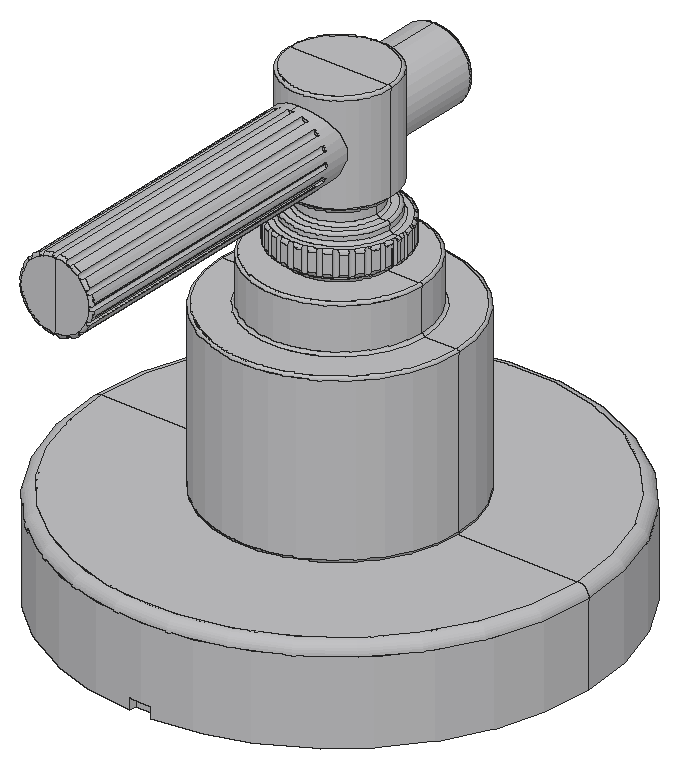
Revit family "Shower-Valve_Trim-KALLISTA-Central_Park_West-P21385_1", category Specialty Equipment, host Face, Revit 2021 (continued)
Definition of nested family "P21385"
  Lines and regions (in)
    symbolic lines, detail levels medium+fine
      curve 112: spline (0, -2.6771, 2.94239) -> (0, -2.67741, 2.94095) -> (0, -2.67733, 2.9395) -> (0, -2.67685, 2.93806) -> (0, -2.67598, 2.93666) -> (0, -2.67474, 2.93534) -> (0, -2.67316, 2.93411) -> (0, -2.67127, 2.933) -> (0, -2.6691, 2.93204) -> (0, -2.6667, 2.93125) -> (0, -2.66412, 2.93063) -> (0, -2.66142, 2.93021) -> (0, -2.65863, 2.92999)
      curve 113: spline (0, -2.67669, 2.93776) -> (0, -2.6773, 2.93475) -> (0, -2.6774, 2.93169) -> (0, -2.677, 2.92865) -> (0, -2.6761, 2.9257) -> (0, -2.67473, 2.92293) -> (0, -2.67293, 2.92041) -> (0, -2.67073, 2.9182) -> (0, -2.66819, 2.91635) -> (0, -2.66539, 2.91493) -> (0, -2.66239, 2.91395) -> (0, -2.65928, 2.91346) -> (0, -2.65612, 2.91345)
      curve 114: arc (0, -2.65748, 2.99648) -> (0, -2.67214, 3.00299) -> (0, -2.67717, 3.01822) r 0.01978
      curve 115: arc (0, -2.67717, 3.34162) -> (0, -2.66922, 3.35094) -> (0, -2.65748, 3.35443) r 0.02153
      curve 116: arc (0, -2.67711, 3.40834) -> (0, -2.66918, 3.41762) -> (0, -2.65748, 3.42108) r 0.02149
      curve 117: arc (0, -0.55521, 3.42108) -> (0, -0.54692, 3.42937) -> (0, -0.55521, 3.43766) r 0.00829
      curve 118: arc (0, -0.55521, 3.35443) -> (0, -0.5399, 3.36974) -> (0, -0.55521, 3.38505) r 0.01531
      curve 119: arc (0, -0.54923, 3.26254) -> (0, -0.53118, 3.28059) -> (0, -0.54923, 3.29864) r 0.01805
      curve 120: arc (0, -0.55521, 3.15583) -> (0, -0.53568, 3.17536) -> (0, -0.55521, 3.19489) r 0.01953
      curve 121: arc (0, -0.55521, 3.05215) -> (0, -0.53718, 3.07019) -> (0, -0.55521, 3.08823) r 0.01804
      curve 122: arc (0, -0.54923, 2.96591) -> (0, -0.53394, 2.9812) -> (0, -0.54923, 2.99648) r 0.01529
      curve 123: arc (0, -0.54923, 2.91345) -> (0, -0.54096, 2.92172) -> (0, -0.54923, 2.92999) r 0.00827
      curve 124: arc (0, -0.38588, 3.45095) -> (0, -0.25407, 3.17536) -> (0, -0.38588, 2.89977) r 0.35401
      curve 125: arc (0, 0.38588, 3.45095) -> (0, 0.25407, 3.17536) -> (0, 0.38588, 2.89977) r 0.35401
      curve 126: line (0, 0.33524, 2.80443) -> (0, -0.33524, 2.80443)
      curve 127: line (0, 0.27836, 2.74523) -> (0, -0.27666, 2.74523)
      curve 128: line (0, 0.29634, 2.63306) -> (0, -0.29634, 2.63306)
      curve 129: line (0, 0.3944, 2.55744) -> (0, -0.3944, 2.55744)
      curve 130: line (0, 0.39432, 2.37717) -> (0, -0.39432, 2.37717)
      curve 131: line (0, 0.35419, 2.2992) -> (0, -0.35416, 2.2992)
      curve 132: line (0, 0.87822, 0.70079) -> (0, -0.87822, 0.70079)
      curve 133: line (0, 0.63879, 1.94954) -> (0, -0.63879, 1.94954)
      curve 134: line (0, 0.45548, 2.3989) -> (0, 0.45548, 2.53743)
      curve 135: line (0, 0.4473, 2.53775) -> (0, 0.4473, 2.39479)
      curve 136: line (0, 0.42959, 2.39884) -> (0, 0.42959, 2.5371)
      curve 137: line (0, 0.41358, 2.5396) -> (0, 0.41358, 2.39497)
      curve 138: line (0, 0.38492, 2.39879) -> (0, 0.38492, 2.53571)
      curve 139: line (0, 0.36178, 2.53775) -> (0, 0.36178, 2.39686)
      curve 140: line (0, 0.32343, 2.39875) -> (0, 0.32343, 2.53775)
      curve 141: line (0, 0.29418, 2.53775) -> (0, 0.29418, 2.39661)
      curve 142: line (0, 0.24938, 2.39686) -> (0, 0.24938, 2.53775)
      curve 143: line (0, 0.2123, 2.53775) -> (0, 0.2123, 2.39686)
      curve 144: line (0, 0.1631, 2.39686) -> (0, 0.1631, 2.53775)
      curve 145: line (0, 0.12238, 2.53775) -> (0, 0.12238, 2.39686)
      curve 146: line (0, 0.0697, 2.39686) -> (0, 0.0697, 2.53775)
      curve 147: line (0, 0.0271, 2.53775) -> (0, 0.0271, 2.39686)
      curve 148: line (0, 0.0697, 2.53775) -> (0, 0.0271, 2.53775)
      curve 149: line (0, 0.1631, 2.53775) -> (0, 0.12238, 2.53775)
      curve 150: line (0, 0.24938, 2.53775) -> (0, 0.2123, 2.53775)
      curve 151: spline (0, 0.32311, 2.53782) -> (0, 0.32275, 2.54037) -> (0, 0.32191, 2.54296) -> (0, 0.32061, 2.54551) -> (0, 0.31889, 2.54797) -> (0, 0.31679, 2.55026) -> (0, 0.31438, 2.55232) -> (0, 0.3117, 2.5541) -> (0, 0.30885, 2.55555) -> (0, 0.30589, 2.55664) -> (0, 0.3029, 2.55732) -> (0, 0.29996, 2.55759) -> (0, 0.29715, 2.55744)
      curve 152: spline (0, 0.38492, 2.53571) -> (0, 0.3845, 2.53836) -> (0, 0.38358, 2.5411) -> (0, 0.38218, 2.54387) -> (0, 0.38034, 2.54658) -> (0, 0.37813, 2.54913) -> (0, 0.3756, 2.55147) -> (0, 0.37284, 2.5535) -> (0, 0.36993, 2.55517) -> (0, 0.36697, 2.55644) -> (0, 0.36403, 2.55725) -> (0, 0.36122, 2.55759) -> (0, 0.35861, 2.55744)
      curve 153: spline (0, 0.43617, 2.37685) -> (0, 0.43877, 2.37677) -> (0, 0.44137, 2.37713) -> (0, 0.44388, 2.37793) -> (0, 0.44627, 2.37913) -> (0, 0.44848, 2.38073) -> (0, 0.45045, 2.38267) -> (0, 0.45215, 2.38493) -> (0, 0.45354, 2.38744) -> (0, 0.45459, 2.39015) -> (0, 0.45527, 2.39301) -> (0, 0.45557, 2.39595) -> (0, 0.45548, 2.3989)
      curve 154: spline (0, 0.43617, 2.37685) -> (0, 0.43756, 2.37721) -> (0, 0.43892, 2.37782) -> (0, 0.44022, 2.37868) -> (0, 0.44146, 2.37978) -> (0, 0.44262, 2.3811) -> (0, 0.44368, 2.38263) -> (0, 0.44463, 2.38434) -> (0, 0.44545, 2.38621) -> (0, 0.44613, 2.38822) -> (0, 0.44668, 2.39034) -> (0, 0.44706, 2.39254) -> (0, 0.4473, 2.39479)
      curve 155: spline (0, 0.40653, 2.37719) -> (0, 0.40951, 2.37678) -> (0, 0.41252, 2.37686) -> (0, 0.41549, 2.37743) -> (0, 0.41833, 2.37848) -> (0, 0.42098, 2.37998) -> (0, 0.42337, 2.38189) -> (0, 0.42544, 2.38417) -> (0, 0.42715, 2.38676) -> (0, 0.42844, 2.38959) -> (0, 0.42929, 2.3926) -> (0, 0.42968, 2.39571) -> (0, 0.42959, 2.39884)
      curve 156: spline (0, 0.40245, 2.37743) -> (0, 0.40369, 2.37688) -> (0, 0.40495, 2.37676) -> (0, 0.40622, 2.37705) -> (0, 0.40746, 2.37776) -> (0, 0.40864, 2.37888) -> (0, 0.40974, 2.38036) -> (0, 0.41075, 2.3822) -> (0, 0.41162, 2.38434) -> (0, 0.41236, 2.38674) -> (0, 0.41294, 2.38935) -> (0, 0.41335, 2.39211) -> (0, 0.41358, 2.39497)
      curve 157: spline (0, 0.36114, 2.37717) -> (0, 0.36422, 2.37677) -> (0, 0.36734, 2.37686) -> (0, 0.3704, 2.37744) -> (0, 0.37333, 2.3785) -> (0, 0.37606, 2.38) -> (0, 0.37853, 2.3819) -> (0, 0.38066, 2.38418) -> (0, 0.38242, 2.38676) -> (0, 0.38375, 2.38958) -> (0, 0.38462, 2.39258) -> (0, 0.38502, 2.39567) -> (0, 0.38492, 2.39879)
      curve 158: spline (0, 0.29987, 2.37717) -> (0, 0.30293, 2.37677) -> (0, 0.30602, 2.37686) -> (0, 0.30905, 2.37744) -> (0, 0.31196, 2.37849) -> (0, 0.31466, 2.37998) -> (0, 0.3171, 2.38189) -> (0, 0.31922, 2.38416) -> (0, 0.32096, 2.38673) -> (0, 0.32227, 2.38955) -> (0, 0.32314, 2.39254) -> (0, 0.32353, 2.39563) -> (0, 0.32343, 2.39875)
      curve 159: line (0, 0.2123, 2.39686) -> (0, 0.24938, 2.39686)
      curve 160: line (0, 0.12238, 2.39686) -> (0, 0.1631, 2.39686)
      curve 161: line (0, 0.0271, 2.39686) -> (0, 0.0697, 2.39686)
      curve 162: arc (0, 0.28026, 2.55744) -> (0, 0.29035, 2.54981) -> (0, 0.29418, 2.53775) r 0.02088
      curve 163: arc (0, 0.29418, 2.39661) -> (0, 0.28925, 2.38363) -> (0, 0.27696, 2.37717) r 0.01958
      curve 164: arc (0, 0.36178, 2.39686) -> (0, 0.35772, 2.38459) -> (0, 0.34714, 2.37717) r 0.02055
      curve 165: arc (0, 0.34756, 2.55744) -> (0, 0.35786, 2.5499) -> (0, 0.36178, 2.53775) r 0.02074
      curve 166: arc (0, 0.42959, 2.5371) -> (0, 0.42632, 2.54895) -> (0, 0.41745, 2.55744) r 0.0231
      curve 167: arc (0, 0.40245, 2.55718) -> (0, 0.41056, 2.55) -> (0, 0.41358, 2.5396) r 0.01944
      curve 168: arc (0, 0.43178, 2.55718) -> (0, 0.44294, 2.55018) -> (0, 0.4473, 2.53775) r 0.01992
      curve 169: arc (0, 0.45548, 2.53743) -> (0, 0.45186, 2.54932) -> (0, 0.44224, 2.55718) r 0.02135
      curve 170: line (0, -0.45548, 2.3989) -> (0, -0.45548, 2.53743)
      curve 171: line (0, -0.4473, 2.53775) -> (0, -0.4473, 2.39479)
      curve 172: line (0, -0.42959, 2.39884) -> (0, -0.42959, 2.5371)
      curve 173: line (0, -0.41358, 2.5396) -> (0, -0.41358, 2.39497)
      curve 174: line (0, -0.38492, 2.39879) -> (0, -0.38492, 2.53571)
      curve 175: line (0, -0.36178, 2.53775) -> (0, -0.36178, 2.39686)
      curve 176: line (0, -0.32343, 2.39875) -> (0, -0.32343, 2.53775)
      curve 177: line (0, -0.29418, 2.53775) -> (0, -0.29418, 2.39661)
      curve 178: line (0, -0.24938, 2.39686) -> (0, -0.24938, 2.53775)
      curve 179: line (0, -0.2123, 2.53775) -> (0, -0.2123, 2.39686)
      curve 180: line (0, -0.1631, 2.39686) -> (0, -0.1631, 2.53775)
      curve 181: line (0, -0.12238, 2.53775) -> (0, -0.12238, 2.39686)
      curve 182: line (0, -0.0697, 2.39686) -> (0, -0.0697, 2.53775)
      curve 183: line (0, -0.0271, 2.53775) -> (0, -0.0271, 2.39686)
      curve 184: line (0, -0.0697, 2.53775) -> (0, -0.0271, 2.53775)
      curve 185: line (0, -0.1631, 2.53775) -> (0, -0.12238, 2.53775)
      curve 186: line (0, -0.24938, 2.53775) -> (0, -0.2123, 2.53775)
      curve 187: spline (0, -0.32311, 2.53782) -> (0, -0.32275, 2.54037) -> (0, -0.32191, 2.54296) -> (0, -0.32061, 2.54551) -> (0, -0.31889, 2.54797) -> (0, -0.31679, 2.55026) -> (0, -0.31438, 2.55232) -> (0, -0.3117, 2.5541) -> (0, -0.30885, 2.55555) -> (0, -0.30589, 2.55664) -> (0, -0.3029, 2.55732) -> (0, -0.29996, 2.55759) -> (0, -0.29715, 2.55744)
      curve 188: spline (0, -0.38492, 2.53571) -> (0, -0.3845, 2.53836) -> (0, -0.38358, 2.5411) -> (0, -0.38218, 2.54387) -> (0, -0.38034, 2.54658) -> (0, -0.37813, 2.54913) -> (0, -0.3756, 2.55147) -> (0, -0.37284, 2.5535) -> (0, -0.36993, 2.55517) -> (0, -0.36697, 2.55644) -> (0, -0.36403, 2.55725) -> (0, -0.36122, 2.55759) -> (0, -0.35861, 2.55744)
      curve 189: spline (0, -0.43288, 2.37759) -> (0, -0.4357, 2.37691) -> (0, -0.43859, 2.37676) -> (0, -0.44146, 2.37716) -> (0, -0.44423, 2.37807) -> (0, -0.44684, 2.3795) -> (0, -0.44921, 2.38138) -> (0, -0.45128, 2.38368) -> (0, -0.45299, 2.38633) -> (0, -0.45429, 2.38926) -> (0, -0.45515, 2.39239) -> (0, -0.45555, 2.39563) -> (0, -0.45548, 2.3989)
      curve 190: spline (0, -0.40653, 2.37719) -> (0, -0.40951, 2.37678) -> (0, -0.41252, 2.37686) -> (0, -0.41549, 2.37743) -> (0, -0.41833, 2.37848) -> (0, -0.42098, 2.37998) -> (0, -0.42337, 2.38189) -> (0, -0.42544, 2.38417) -> (0, -0.42715, 2.38676) -> (0, -0.42844, 2.38959) -> (0, -0.42929, 2.3926) -> (0, -0.42968, 2.39571) -> (0, -0.42959, 2.39884)
      curve 191: spline (0, -0.40245, 2.37743) -> (0, -0.40369, 2.37688) -> (0, -0.40495, 2.37676) -> (0, -0.40622, 2.37705) -> (0, -0.40746, 2.37776) -> (0, -0.40864, 2.37888) -> (0, -0.40974, 2.38036) -> (0, -0.41075, 2.3822) -> (0, -0.41162, 2.38434) -> (0, -0.41236, 2.38674) -> (0, -0.41294, 2.38935) -> (0, -0.41335, 2.39211) -> (0, -0.41358, 2.39497)
      curve 192: spline (0, -0.36114, 2.37717) -> (0, -0.36422, 2.37677) -> (0, -0.36734, 2.37686) -> (0, -0.3704, 2.37744) -> (0, -0.37333, 2.3785) -> (0, -0.37606, 2.38) -> (0, -0.37853, 2.3819) -> (0, -0.38066, 2.38418) -> (0, -0.38242, 2.38676) -> (0, -0.38375, 2.38958) -> (0, -0.38462, 2.39258) -> (0, -0.38502, 2.39567) -> (0, -0.38492, 2.39879)
      curve 193: spline (0, -0.29987, 2.37717) -> (0, -0.30293, 2.37677) -> (0, -0.30602, 2.37686) -> (0, -0.30905, 2.37744) -> (0, -0.31196, 2.37849) -> (0, -0.31466, 2.37998) -> (0, -0.3171, 2.38189) -> (0, -0.31922, 2.38416) -> (0, -0.32096, 2.38673) -> (0, -0.32227, 2.38955) -> (0, -0.32314, 2.39254) -> (0, -0.32353, 2.39563) -> (0, -0.32343, 2.39875)
      curve 194: line (0, -0.2123, 2.39686) -> (0, -0.24938, 2.39686)
      curve 195: line (0, -0.12238, 2.39686) -> (0, -0.1631, 2.39686)
      curve 196: line (0, -0.0271, 2.39686) -> (0, -0.0697, 2.39686)
      curve 197: arc (0, -0.28026, 2.55744) -> (0, -0.29035, 2.54981) -> (0, -0.29418, 2.53775) r 0.02088
      curve 198: arc (0, -0.29418, 2.39661) -> (0, -0.28925, 2.38363) -> (0, -0.27696, 2.37717) r 0.01958
      curve 199: arc (0, -0.36178, 2.39686) -> (0, -0.35772, 2.38459) -> (0, -0.34714, 2.37717) r 0.02055
      curve 200: arc (0, -0.34756, 2.55744) -> (0, -0.35786, 2.5499) -> (0, -0.36178, 2.53775) r 0.02074
      curve 201: arc (0, -0.3944, 2.55744) -> (0, -0.40787, 2.5527) -> (0, -0.41358, 2.5396) r 0.01788
      curve 202: arc (0, -0.42959, 2.5371) -> (0, -0.42632, 2.54895) -> (0, -0.41745, 2.55744) r 0.0231
      curve 203: arc (0, -0.43338, 2.55718) -> (0, -0.44346, 2.5497) -> (0, -0.4473, 2.53775) r 0.02052
      curve 204: arc (0, -0.4473, 2.39479) -> (0, -0.44285, 2.38315) -> (0, -0.43178, 2.37743) r 0.01748
      curve 205: arc (0, -0.45548, 2.53743) -> (0, -0.45186, 2.54932) -> (0, -0.44224, 2.55718) r 0.02135
      curve 206: line (-0.27491, -1.85573, 0) -> (-0.27491, -0.27322, 0)
      curve 207: line (-0.25523, 0.90551, 0) -> (0.25523, 0.90551, 0)
      curve 208: arc (-0.27491, 0.88583, 0) -> (-0.26915, 0.89975, 0) -> (-0.25523, 0.90551, 0) r 0.01969
      curve 209: arc (0.25523, 0.90551, 0) -> (0.26915, 0.89975, 0) -> (0.27491, 0.88583, 0) r 0.01969
      curve 210: arc (0.32915, 0.32288, 0) -> (0.32831, 0.29565, 0) -> (0.35547, 0.29365, 0) r 0.01969
      curve 211: arc (0.38909, 0.24739, 0) -> (0.3826, 0.22093, 0) -> (0.40876, 0.21333, 0) r 0.01969
      curve 212: arc (0.43202, 0.16109, 0) -> (0.42018, 0.13656, 0) -> (0.44418, 0.12368, 0) r 0.01969
      curve 213: arc (0.45607, 0.06774, 0) -> (0.43939, 0.04621, 0) -> (0.46019, 0.02863, 0) r 0.01969
      curve 214: arc (0.46028, -0.02712, 0) -> (0.43976, -0.04639, 0) -> (0.45581, -0.06951, 0) r 0.02155
      curve 215: arc (0.44458, -0.12223, 0) -> (0.42051, -0.13681, 0) -> (0.43139, -0.16276, 0) r 0.02155
      curve 216: arc (0.40945, -0.21199, 0) -> (0.38288, -0.22124, 0) -> (0.38813, -0.24889, 0) r 0.02155
      curve 217: arc (0.35547, -0.29365, 0) -> (0.32831, -0.29565, 0) -> (0.32915, -0.32288, 0) r 0.01969
      curve 218: arc (0.28665, -0.36114, 0) -> (0.28142, -0.35653, 0) -> (0.27491, -0.35404, 0) r 0.01969
      curve 219: arc (0.27491, 0.35404, 0) -> (0.28142, 0.35653, 0) -> (0.28665, 0.36114, 0) r 0.01969
      curve 220: arc (0.32915, 0.32288, 0) -> (0.30849, 0.34267, 0) -> (0.28665, 0.36114, 0) r 0.46108
      curve 221: arc (0.38909, 0.24739, 0) -> (0.373, 0.27104, 0) -> (0.35547, 0.29365, 0) r 0.46108
      curve 222: arc (0.43202, 0.16109, 0) -> (0.4212, 0.18757, 0) -> (0.40876, 0.21333, 0) r 0.46108
      curve 223: arc (0.45607, 0.06774, 0) -> (0.45099, 0.0959, 0) -> (0.44418, 0.12368, 0) r 0.46108
      curve 224: arc (0.46028, -0.02712, 0) -> (0.46107, 0.00075, 0) -> (0.46019, 0.02863, 0) r 0.46108
      curve 225: arc (0.44458, -0.12223, 0) -> (0.45096, -0.09603, 0) -> (0.45581, -0.06951, 0) r 0.46108
      curve 226: arc (0.40945, -0.21199, 0) -> (0.42114, -0.18769, 0) -> (0.43139, -0.16276, 0) r 0.46108
      curve 227: arc (0.35547, -0.29365, 0) -> (0.37247, -0.27176, 0) -> (0.38813, -0.24889, 0) r 0.46108
      curve 228: arc (0.28665, -0.36114, 0) -> (0.30849, -0.34267, 0) -> (0.32915, -0.32288, 0) r 0.46108
      curve 229: arc (-0.32915, 0.32288, 0) -> (-0.32831, 0.29565, 0) -> (-0.35547, 0.29365, 0) r 0.01969
      curve 230: arc (-0.38909, 0.24739, 0) -> (-0.3826, 0.22093, 0) -> (-0.40876, 0.21333, 0) r 0.01969
      curve 231: arc (-0.43202, 0.16109, 0) -> (-0.42018, 0.13656, 0) -> (-0.44418, 0.12368, 0) r 0.01969
      curve 232: arc (-0.45607, 0.06774, 0) -> (-0.43939, 0.04621, 0) -> (-0.46019, 0.02863, 0) r 0.01969
      curve 233: arc (-0.46028, -0.02712, 0) -> (-0.43976, -0.04639, 0) -> (-0.45581, -0.06951, 0) r 0.02155
      curve 234: arc (-0.44458, -0.12223, 0) -> (-0.42051, -0.13681, 0) -> (-0.43139, -0.16276, 0) r 0.02155
      curve 235: arc (-0.40945, -0.21199, 0) -> (-0.38288, -0.22124, 0) -> (-0.38813, -0.24889, 0) r 0.02155
      curve 236: arc (-0.35547, -0.29365, 0) -> (-0.32831, -0.29565, 0) -> (-0.32915, -0.32288, 0) r 0.01969
      curve 237: arc (-0.28665, -0.36114, 0) -> (-0.28142, -0.35653, 0) -> (-0.27491, -0.35404, 0) r 0.01969
      curve 238: arc (-0.27491, 0.35404, 0) -> (-0.28142, 0.35653, 0) -> (-0.28665, 0.36114, 0) r 0.01969
      curve 239: arc (-0.32915, 0.32288, 0) -> (-0.30849, 0.34267, 0) -> (-0.28665, 0.36114, 0) r 0.46108
      curve 240: arc (-0.38909, 0.24739, 0) -> (-0.373, 0.27104, 0) -> (-0.35547, 0.29365, 0) r 0.46108
      curve 241: arc (-0.43202, 0.16109, 0) -> (-0.4212, 0.18757, 0) -> (-0.40876, 0.21333, 0) r 0.46108
      curve 242: arc (-0.45607, 0.06774, 0) -> (-0.45099, 0.0959, 0) -> (-0.44418, 0.12368, 0) r 0.46108
      curve 243: arc (-0.46028, -0.02712, 0) -> (-0.46107, 0.00075, 0) -> (-0.46019, 0.02863, 0) r 0.46108
      curve 244: arc (-0.44458, -0.12223, 0) -> (-0.45096, -0.09603, 0) -> (-0.45581, -0.06951, 0) r 0.46108
      curve 245: arc (-0.40945, -0.21199, 0) -> (-0.42114, -0.18769, 0) -> (-0.43139, -0.16276, 0) r 0.46108
      curve 246: arc (-0.35547, -0.29365, 0) -> (-0.37247, -0.27176, 0) -> (-0.38813, -0.24889, 0) r 0.46108
      curve 247: arc (-0.28665, -0.36114, 0) -> (-0.30849, -0.34267, 0) -> (-0.32915, -0.32288, 0) r 0.46108
      curve 248: circle (0, 1.3283, 0) r 0.07874 normal (0, 0, 1)
      curve 249: circle (-1.13514, -0.64961, 0) r 0.07874 normal (0, 0, -1)
      curve 250: arc (-0.27491, 0.868, 0) -> (-0.9105, 0, 0) -> (-0.27491, -0.868, 0) r 0.9105
      curve 251: circle (1.13514, -0.64961, 0) r 0.07874 normal (0, 0, 1)
      curve 252: arc (0.09517, 0.90551, 0) -> (0, 0.9105, 0) -> (-0.09517, 0.90551, 0) r 0.9105
      curve 253: line (0.27491, -1.85573, 0) -> (0.27491, -0.27322, 0)
      curve 254: arc (-0.27491, 0.55759, 0) -> (-0.62168, 0, 0) -> (-0.27491, -0.55759, 0) r 0.62168
      curve 255: arc (-0.27491, 0.34586, 0) -> (-0.44181, 0, 0) -> (-0.27491, -0.34586, 0) r 0.44181
      curve 256: circle (0, 0, 0) r 0.38759 normal (0, 0, 1)
      curve 257: line (-0.26151, -2.65748, 0) -> (-0.26151, -0.55643, 0)
      curve 258: line (-0.24659, -0.55643, 0) -> (-0.24659, -2.65748, 0)
      curve 259: line (-0.20968, -2.65748, 0) -> (-0.20968, -0.56408, 0)
      curve 260: line (-0.17909, -0.56408, 0) -> (-0.17909, -2.65748, 0)
      curve 261: line (-0.12521, -2.65748, 0) -> (-0.12521, -0.56985, 0)
      curve 262: line (-0.08522, -0.56985, 0) -> (-0.08522, -2.65748, 0)
      curve 263: line (-0.02007, -2.65748, 0) -> (-0.02007, -0.57624, 0)
      curve 264: line (0.02007, -0.57624, 0) -> (0.02007, -2.65748, 0)
      curve 265: arc (-0.02007, -0.57624, 0) -> (0, -0.55616, 0) -> (0.02007, -0.57624, 0) r 0.02007
      curve 266: arc (-0.12521, -0.56985, 0) -> (-0.10522, -0.54986, 0) -> (-0.08522, -0.56985, 0) r 0.01999
      curve 267: arc (-0.20968, -0.56408, 0) -> (-0.19438, -0.54879, 0) -> (-0.17909, -0.56408, 0) r 0.01529
      curve 268: arc (-0.26151, -0.55643, 0) -> (-0.25405, -0.54897, 0) -> (-0.24659, -0.55643, 0) r 0.00746
      curve 269: line (-0.27491, 0.27322, 0) -> (-0.27491, 0.88583, 0)
      curve 270: line (0.27491, 0.27322, 0) -> (0.27491, 0.88583, 0)
      curve 271: arc (0.27491, -0.34586, 0) -> (0.44181, 0, 0) -> (0.27491, 0.34586, 0) r 0.44181
      curve 272: arc (0.27491, -0.55759, 0) -> (0.62168, 0, 0) -> (0.27491, 0.55759, 0) r 0.62168
      curve 273: arc (-0.24219, -2.67717, 0) -> (-0.25587, -2.67127, 0) -> (-0.26151, -2.65748, 0) r 0.01969
      curve 274: arc (-0.24659, -2.65748, 0) -> (-0.23984, -2.67239, 0) -> (-0.22418, -2.67717, 0) r 0.01985
      curve 275: arc (-0.19082, -2.67717, 0) -> (-0.2042, -2.67111, 0) -> (-0.20968, -2.65748, 0) r 0.0197
      curve 276: arc (-0.17909, -2.65748, 0) -> (-0.17153, -2.67322, 0) -> (-0.15451, -2.67717, 0) r 0.02017
      curve 277: arc (-0.10167, -2.67717, 0) -> (-0.11804, -2.67282, 0) -> (-0.12521, -2.65748, 0) r 0.02
      curve 278: arc (-0.08522, -2.65748, 0) -> (-0.07766, -2.67323, 0) -> (-0.06064, -2.67717, 0) r 0.02017
      curve 279: arc (0, -2.67717, 0) -> (-0.01417, -2.67154, 0) -> (-0.02007, -2.65748, 0) r 0.01969
      curve 280: line (0.26151, -2.65748, 0) -> (0.26151, -0.55643, 0)
      curve 281: line (0.24659, -0.55643, 0) -> (0.24659, -2.65748, 0)
      curve 282: line (0.20968, -2.65748, 0) -> (0.20968, -0.56408, 0)
      curve 283: line (0.17909, -0.56408, 0) -> (0.17909, -2.65748, 0)
      curve 284: line (0.12521, -2.65748, 0) -> (0.12521, -0.56985, 0)
      curve 285: line (0.08522, -0.56985, 0) -> (0.08522, -2.65748, 0)
      curve 286: arc (0.12521, -0.56985, 0) -> (0.10522, -0.54986, 0) -> (0.08522, -0.56985, 0) r 0.01999
      curve 287: arc (0.20968, -0.56408, 0) -> (0.19438, -0.54879, 0) -> (0.17909, -0.56408, 0) r 0.01529
      curve 288: arc (0.24659, -2.65748, 0) -> (0.23984, -2.67239, 0) -> (0.22418, -2.67717, 0) r 0.01985
      curve 289: arc (0.17909, -2.65748, 0) -> (0.17153, -2.67322, 0) -> (0.15451, -2.67717, 0) r 0.02017
      curve 290: arc (0.10167, -2.67717, 0) -> (0.11804, -2.67282, 0) -> (0.12521, -2.65748, 0) r 0.02
      curve 291: arc (0.08522, -2.65748, 0) -> (0.07766, -2.67323, 0) -> (0.06064, -2.67717, 0) r 0.02017
      curve 292: arc (0, -2.67717, 0) -> (0.01417, -2.67154, 0) -> (0.02007, -2.65748, 0) r 0.01969
      curve 293: arc (0.26151, -0.55643, 0) -> (0.25405, -0.54897, 0) -> (0.24659, -0.55643, 0) r 0.00746
      curve 294: arc (0.24219, -2.67717, 0) -> (0.25587, -2.67127, 0) -> (0.26151, -2.65748, 0) r 0.01969
      curve 295: arc (0.19082, -2.67717, 0) -> (0.2042, -2.67111, 0) -> (0.20968, -2.65748, 0) r 0.0197
      curve 296: arc (0.27491, -0.868, 0) -> (0.9105, 0, 0) -> (0.27491, 0.868, 0) r 0.9105
  Dimensions and locks (in)
    plane 8 to plane 7 = 3.75197"  (x2)
    plane 10 to level = 3.55118"
    plane 5 to plane 4 = 1.79921"
    plane 6 to level = 0.70079"
    locked: plane 19 to plane 18 at 0.55118
    locked: plane 17 to plane 16 at 1.79921
    locked: plane 12 to plane 11 at 3.58268
    locked: plane 11 to plane 1 "Center (Front/Back)" at 2.67717
    locked: plane 14 to plane 15 at 3.75197
    locked: plane 16 to plane 17 at 1.79921
    locked: level to plane 6 at 0.70079
    locked: level to plane 10 at 3.55118
    locked: plane 7 to plane 8 at 3.75197
    locked: plane 4 to plane 5 at 1.79921
    aligned and locked: plane 2 to level
Types (6): name | Type | Product Page URL | Model | Finish
  BAF-Brushed French Gold | 1 | "https://www.kallista.com/bathroom/showering/shower-trim/central-park-west-transfer-trim-lever-handle-p21385-lv-baf" | "P21385-LV-BAF" | Kallista-Metal-BAF-Brushed_French_Gold
  BN-Brushed Nickel | 2 | "" | "P21385-LV-BN" | Kallista-Metal-BN-Brushed_Nickel
  BV-Brushed Bronze | 3 | "https://www.kallista.com/bathroom/showering/shower-trim/central-park-west-transfer-trim-lever-handle-p21385-lv-bv" | "P21385-LV-BV" | Kallista-Metal-BV-Brushed_Bronze
  CP-Chrome | 4 | "https://www.kallista.com/bathroom/showering/shower-trim/central-park-west-transfer-trim-lever-handle-p21385-lv-cp" | "P21385-LV-CP" | Kallista-Metal-CP-Chrome
  SN-Polished Nickel | 5 | "https://www.kallista.com/bathroom/showering/shower-trim/central-park-west-transfer-trim-lever-handle-p21385-lv-sn" | "P21385-LV-SN" | Kallista-Metal-SN-Polished_Nickel
  ULB-Unlaquered Brass | 6 | "https://www.kallista.com/bathroom/showering/shower-trim/central-park-west-transfer-trim-lever-handle-p21385-lv-ulb" | "P21385-LV-ULB" | Kallista-Metal-ULB-Unlaquered_Brass
